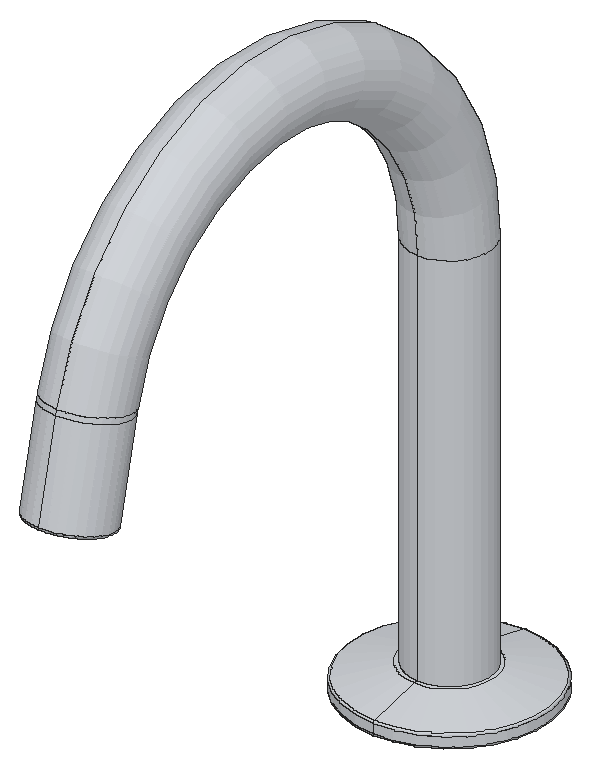
Revit family "B", category Plumbing Fixtures, host Face, Revit 2021
Family settings
  Host = Face
  Round Connector Dimension = Use Diameter
  Part Type = Normal
  OmniClass Number = 23.31.11.00
  Cut with Voids When Loaded = No
  Shared = No
  Room Calculation Point = No
Parameters (values of type "0.5 GPM, CP-Polished Chrome")
  Width = 2.3622"  # constant formula
  WaterSense Certified = 1 = 0  # no
  Waste Water Outlet = "Waste Water Outlet"  # constant formula
  Waste Connection = 1 = 0  # no
  Vent Connection = 1 = 0  # no
  URL = "https://www.us.kohler.com/us/"
  Type = 1
  Spout Reach = 5.75591"  # constant formula
  Product Page URL = "http://www.us.kohler.com/us/catalog/productDetails.jsp?productNumber=106MT76-SANA"
  Product Name = "Components"  # constant formula
  Product Documentation Link = "https://www.us.kohler.com/webassets/kpna/catalog/pdf/en/K-106MT76-SANA _spec_US-CA_Kohler_en.pdf"
  Pressure = 0.00 psi
  Model = if(Type = 1, "K-106MT76-SANA -CP", "NA")  # "K-106MT76-SANA -CP"
  Material = "Premium Metal Construction"  # constant formula
  Master Format 2014 Name = "Residential Faucets, Supplies, and Trim"  # constant formula
  Master Format 2014 = "22 41 39"  # constant formula
  Manufacturer Address = "444 Highland Dr, Kohler, WI 53044"  # constant formula
  Manufacturer = "Kohler Co."  # constant formula
  Length = Spout Reach  # 5.75591"
  Hot Water Inlet = "Hot Water Inlet"  # constant formula
  Height = 8.38583"  # constant formula
  HW Connection = 1 = 0  # no
  Flow Rate = 0.5 GPM  # constant formula
  Finish = Kohler-Metal-CP-Polished_Chrome
  Environmental Product Declaration = ""
  Drain Included = 1 = 1  # yes
  Description = "TB S Deck Mount 0.5 GPM Hybrid Cold Only"  # constant formula
  Default Elevation = 36"
  Declare Label = ""
  Date Modified = "02/28/2024"  # constant formula
  Date Created = "02/28/2024"  # constant formula
  Copyright = "Copyright Kohler Co."  # constant formula
  Contact Us = "https://www.us.kohler.com/us/static/contact.jsp"
  Cold Water Inlet = "Cold Water Inlet"  # constant formula
  CW Connection = 1 = 1  # yes
  Assembly Code = "D2010"
  ADA Compliant = 1 = 0  # no
Reference planes (in)
  plane 1 "Center (Front/Back)": y = 0
  plane 2: z = 0
  plane 3 "Center (Left/Right)": x = 0
  plane 4: y = 1.1811
  plane 5: y = -1.1811
  plane 6: x = -1.1811
  plane 7: x = 1.1811
  plane 8: y = 0.49213
  plane 9: y = -0.49213
  plane 10: y = -6.38145
  plane 11: x = -0.49213
  plane 12: x = 0.49213
  plane 13: z = 8.38583
  plane 14: z = 4.40945
  plane 15: through (0, 1.1811, 2.80687) normal (0, 0.225, 0.9744)
  plane 16: y = -5.75591
Dimensions and locks (in)
  plane 6 to plane 7 = 2.3622"
  plane 11 to plane 12 = 0.98425"  (x2)
  plane 4 to plane 5 = 2.3622"  (x3)
  plane 4 to plane 10 = 7.56255"  (x2)
  plane 10 to plane 1 "Center (Front/Back)" = 6.38145"
  "Height": plane 13 to level
  "Width": plane 6 to plane 7
  plane 14 to level = 4.40945"
  level to plane 14 = 4.40945"
  level to plane 13 = 8.38583"
  plane 1 "Center (Front/Back)" to plane 10 = 6.38145"
  "Length": plane 1 "Center (Front/Back)" to plane 16
  plane 8 to plane 9 = 0.98425"
  aligned and locked: plane 2 to host face
  aligned and locked: level to host face
Automatic sketch dimensions
  host sketch curve to host sketch curve = 96"  (x2)
Nested families (in)
  nested 1: "K-106MT76" at (0, 0, 0), type "K-106MT76"
Connectors (in)
  piping at (0, 0, 0), diameter 0.5, driven by "Flow Rate", driven by "CW Connection", driven by "Cold Water Inlet"
    settings: on nested 1, index 1, connector inside diameter 24", connector length 0", flow factor 0, pipe flow 0.5 GPM, pressure drop 0.00 psi, fitting loss kfactor 0, connector angle 0.00°, fixture units 0, engagement length 0", angle of deflection 0.00°, flow configuration 1, flow direction 1, fitting loss method 0, system type 20, joint type 0, gender type 0, connector reference index -1, connector utility 1, adjustable connector no, is connector primary yes, connector description "Cold Water Inlet"
Definition of nested family "K-106MT76"
  Parameters
    Material = none
    Default Elevation = 0"
  Reference planes (in)
    plane 1 "Center (Front/Back)": y = 0
    plane 2: z = 0
    plane 3 "Center (Left/Right)": x = 0
    plane 4: z = 8.38583
    plane 5: x = -0.49213
    plane 6: x = 0.49213
    plane 7: x = -1.1811
    plane 8: x = 1.1811
    plane 9: y = 0.49213
    plane 10: y = -0.49213
    plane 11: y = 1.1811
    plane 12: y = -1.1811
    plane 13: z = 4.40945
    plane 14: y = -6.38145
    plane 15: z = 0.31486
    plane 16: z = 0.16114
    plane 17: z = 0.14187
    plane 18 "AA": through (0, -5.85373, 4.45372) normal (0, 0.225, 0.9744)
    plane 19: through (0, -5.44585, 4.35249) normal (0, 0.225, 0.9744)
    plane 20: through (0, -6.01229, 4.4676) normal (0, -0.225, -0.9744)
  Forms (in)
    Revolve 1, solid, material <- "Material", detail levels medium+fine
      sketch origin (0, 0, 0) x (0, 1, 0) y (0, 0, 1)
        loop
          arc (1.16142, 0) -> (1.17534, 0.00577) -> (1.1811, 0.01969) r 0.01969
          line (1.1811, 0.01969) -> (1.1811, 0.13546)
          arc (1.1811, 0.13546) -> (1.17511, 0.1527) -> (1.15971, 0.1625) r 0.02779
          line (1.15971, 0.1625) -> (0.54311, 0.30838)
          arc (0.54311, 0.30838) -> (0.51554, 0.31323) -> (0.4876, 0.31486) r 0.24114
          line (0.4876, 0.31486) -> (0, 0.31486) -> (0, 0) -> (1.16142, 0)
        axis (0, 0.31486) -> (0, 0)
      angle from 0 to 360
    Sweep 2, solid, material <- "Material", detail levels medium+fine
      path origin (0, 0, 0) x (0, 1, 0) y (0, 0, 1)
        loop
          line (-5.71344, 5.30848) -> (-5.62488, 5.69209)
          arc (-5.62488, 5.69209) -> (-2.52644, 7.88185) -> (0, 5.05121) r 2.84895
          line (0, 5.05121) -> (0, 0.21572)
      profile origin (0, 0, 2.63347) x (1, 0, 0) y (0, 1, 0)
        loop
          circle (0, 0) r 0.49213
    Revolve 3, solid, material <- "Material", detail levels medium+fine
      sketch origin (0, 0, 0) x (0, 1, 0) y (0, 0, 1)
        loop
          line (-5.90789, 4.46625) -> (-5.63893, 5.63124) -> (-6.11844, 5.74195) -> (-6.38209, 4.59997)
          arc (-6.38209, 4.59997) -> (-6.3791, 4.58213) -> (-6.36439, 4.57164) r 0.02362
          line (-6.36439, 4.57164) -> (-5.90789, 4.46625)
        axis (-5.63893, 5.63124) -> (-5.90789, 4.46625)
      angle from 0 to 360
    Extrusion 4, void
      sketch origin (0, 0.67997, 2.94529) x (0, 0.97437, -0.224951) y (-1, 0, 0)
        loop
          circle (-6.5984, 0.00027) r 0.28331
      from -0.37167 to 0.45149
    Extrusion 5, solid, detail levels medium+fine
      sketch origin (0, 0.67997, 2.94529) x (0, 0.97437, -0.224951) y (-1, 0, 0)
        loop
          arc (-6.31509, 0.00027) -> (-6.3159, 0.02172) -> (-6.31834, 0.04304) r 0.28331
          line (-6.31834, 0.04304) -> (-6.38091, 0.04304)
          arc (-6.38091, 0.04304) -> (-6.37675, 0.00124) -> (-6.38054, -0.04059) r 0.22165
          line (-6.38054, -0.04059) -> (-6.31805, -0.04059)
          arc (-6.31805, -0.04059) -> (-6.31583, -0.02021) -> (-6.31509, 0.00027) r 0.28331
        loop
          arc (-6.88171, 0.00027) -> (-6.8809, -0.0211) -> (-6.87849, -0.04234) r 0.28331
          line (-6.87849, -0.04234) -> (-6.81592, -0.04234)
          arc (-6.81592, -0.04234) -> (-6.82005, 0.00198) -> (-6.81524, 0.04623) r 0.22165
          line (-6.81524, 0.04623) -> (-6.87796, 0.04623)
          arc (-6.87796, 0.04623) -> (-6.88077, 0.02333) -> (-6.88171, 0.00027) r 0.28331
        loop
          arc (-6.78469, 0.12038) -> (-6.75625, 0.15588) -> (-6.72116, 0.18483) r 0.22165
          line (-6.72116, 0.18483) -> (-6.76544, 0.2291)
          arc (-6.76544, 0.2291) -> (-6.79984, 0.19949) -> (-6.82907, 0.16476) r 0.28331
          line (-6.82907, 0.16476) -> (-6.78469, 0.12038)
        loop
          arc (-6.64461, 0.21706) -> (-6.60315, 0.22188) -> (-6.56153, 0.21884) r 0.22165
          line (-6.56153, 0.21884) -> (-6.56153, 0.28117)
          arc (-6.56153, 0.28117) -> (-6.60312, 0.28354) -> (-6.64461, 0.27979) r 0.28331
          line (-6.64461, 0.27979) -> (-6.64461, 0.21706)
        loop
          arc (-6.47706, 0.18576) -> (-6.44304, 0.15836) -> (-6.41504, 0.12482) r 0.22165
          line (-6.41504, 0.12482) -> (-6.37084, 0.16903)
          arc (-6.37084, 0.16903) -> (-6.40139, 0.20386) -> (-6.43721, 0.23326) r 0.28331
          line (-6.43721, 0.23326) -> (-6.47706, 0.18576)
        loop
          arc (-6.41731, -0.12754) -> (-6.44401, -0.15876) -> (-6.47601, -0.18453) r 0.22165
          line (-6.47601, -0.18453) -> (-6.43172, -0.22882)
          arc (-6.43172, -0.22882) -> (-6.39663, -0.19861) -> (-6.36693, -0.16309) r 0.28331
          line (-6.36693, -0.16309) -> (-6.41731, -0.12754)
        loop
          arc (-6.55791, -0.21765) -> (-6.6011, -0.22137) -> (-6.64419, -0.2166) r 0.22165
          line (-6.64419, -0.2166) -> (-6.64419, -0.27931)
          arc (-6.64419, -0.27931) -> (-6.60108, -0.28302) -> (-6.55791, -0.28013) r 0.28331
          line (-6.55791, -0.28013) -> (-6.55791, -0.21765)
        loop
          line (-6.78424, -0.12053) -> (-6.82859, -0.16488)
          arc (-6.82859, -0.16488) -> (-6.79802, -0.20077) -> (-6.76192, -0.23109) r 0.28331
          line (-6.76192, -0.23109) -> (-6.72301, -0.18304)
          arc (-6.72301, -0.18304) -> (-6.75674, -0.15484) -> (-6.78424, -0.12053) r 0.22165
      from -0.01199 to 0.52506
    Extrusion 6, solid, detail levels medium+fine
      sketch origin (0, 0.67997, 2.94529) x (0, 0.97437, -0.224951) y (-1, 0, 0)
        loop
          circle (-6.5984, 0.00027) r 0.18057
        loop
          circle (-6.5984, 0.00027) r 0.0353
        loop
          line (-6.70759, 0.00197) -> (-6.69186, -0.02527) -> (-6.6604, -0.02527) -> (-6.64467, 0.00197) -> (-6.6604, 0.02922) -> (-6.69186, 0.02922) -> (-6.70759, 0.00197)
        loop
          line (-6.70759, -0.06957) -> (-6.69186, -0.09681) -> (-6.6604, -0.09681) -> (-6.64467, -0.06957) -> (-6.6604, -0.04232) -> (-6.69186, -0.04232) -> (-6.70759, -0.06957)
        loop
          line (-6.49076, -0.0011) -> (-6.50648, 0.02614) -> (-6.53794, 0.02614) -> (-6.55367, -0.0011) -> (-6.53794, -0.02835) -> (-6.50648, -0.02835) -> (-6.49076, -0.0011)
        loop
          line (-6.49076, -0.07264) -> (-6.50648, -0.0454) -> (-6.53794, -0.0454) -> (-6.55367, -0.07264) -> (-6.53794, -0.09988) -> (-6.50648, -0.09988) -> (-6.49076, -0.07264)
        loop
          line (-6.70759, 0.07351) -> (-6.69186, 0.04626) -> (-6.6604, 0.04626) -> (-6.64467, 0.07351) -> (-6.6604, 0.10075) -> (-6.69186, 0.10075) -> (-6.70759, 0.07351)
        loop
          line (-6.49076, 0.07043) -> (-6.50648, 0.09768) -> (-6.53794, 0.09768) -> (-6.55367, 0.07043) -> (-6.53794, 0.04319) -> (-6.50648, 0.04319) -> (-6.49076, 0.07043)
        loop
          line (-6.56809, 0.06428) -> (-6.58382, 0.09152) -> (-6.61528, 0.09152) -> (-6.63101, 0.06428) -> (-6.61528, 0.03704) -> (-6.58382, 0.03704) -> (-6.56809, 0.06428)
        loop
          line (-6.56809, 0.12988) -> (-6.58382, 0.15712) -> (-6.61528, 0.15712) -> (-6.63101, 0.12988) -> (-6.61528, 0.10264) -> (-6.58382, 0.10264) -> (-6.56809, 0.12988)
        loop
          line (-6.56809, -0.06681) -> (-6.58382, -0.03957) -> (-6.61528, -0.03957) -> (-6.63101, -0.06681) -> (-6.61528, -0.09406) -> (-6.58382, -0.09406) -> (-6.56809, -0.06681)
        loop
          line (-6.56809, -0.13241) -> (-6.58382, -0.10517) -> (-6.61528, -0.10517) -> (-6.63101, -0.13241) -> (-6.61528, -0.15966) -> (-6.58382, -0.15966) -> (-6.56809, -0.13241)
      from 0.02783 to 0.69865
    Extrusion 7, solid, detail levels medium+fine
      sketch origin (0, 0.67997, 2.94529) x (0, 0.97437, -0.224951) y (-1, 0, 0)
        loop
          circle (-6.5984, 0.00027) r 0.18057
        loop
          circle (-6.5984, 0.00027) r 0.20412
      from 0 to 0.45149
    Extrusion 8, solid, detail levels medium+fine
      sketch origin (0, 0.67997, 2.94529) x (0, 0.97437, -0.224951) y (-1, 0, 0)
        loop
          circle (-6.5984, 0.00027) r 0.28331
        loop
          circle (-6.5984, 0.00027) r 0.20412
      from 0.03685 to 1.13893
    Extrusion 9, solid, material <- "Material"
      sketch origin (0, 0, 0) x (1, 0, 0) y (0, 1, 0)
        loop
          circle (0, 0) r 0.09843
      from 0 to 0.21572
    Revolve 10, solid, material <- "Material", detail levels coarse
      sketch origin (0, 0, 0) x (0, 1, 0) y (0, 0, 1)
        loop
          line (1.1811, 0) -> (1.1811, 0.12604)
          arc (1.1811, 0.12604) -> (1.17252, 0.15058) -> (1.1505, 0.16442) r 0.03937
          line (1.1505, 0.16442) -> (0.53899, 0.30415)
          arc (0.53899, 0.30415) -> (0.49182, 0.31217) -> (0.44405, 0.31486) r 0.42621
          line (0.44405, 0.31486) -> (0, 0.31486) -> (0, 0) -> (1.1811, 0)
        axis (0, 0.31486) -> (0, 0)
      angle from 0 to 360
    Sweep 11, solid, material <- "Material", detail levels coarse
      path origin (0, 0, 0) x (0, 1, 0) y (0, 0, 1)
        loop
          line (-5.90344, 4.46875) -> (-5.63491, 5.63187)
          arc (-5.63491, 5.63187) -> (-2.53094, 7.82553) -> (0, 4.98985) r 2.85403
          line (0, 4.98985) -> (0, 0.14187)
      profile origin (0, 0, 2.56586) x (1, 0, 0) y (0, 1, 0)
        loop
          circle (0, 0) r 0.49213
    Extrusion 12, solid, detail levels coarse
      sketch origin (0, 0.67997, 2.94529) x (0, 0.97437, -0.224951) y (-1, 0, 0)
        loop
          circle (-6.5984, 0.00027) r 0.28331
      from 0.00347 to 0.69865
  Cuts and joins
    Extrusion 4 cuts Revolve 3
    joined: Sweep 2, Revolve 3
    Extrusion 4 cuts Sweep 11
  Lines and regions (in)
    Masking region 1
      outline origin (0, 0, 0) x (1, 0, 0) y (0, 1, 0)
        loop
          arc (-1.1811, 0) -> (-0.99405, -0.63787) -> (-0.49213, -1.07369) r 1.1811
          line (-0.49213, -1.07369) -> (-0.49213, -5.91883)
          arc (-0.49213, -5.91883) -> (-0.42001, -6.14984) -> (-0.24592, -6.31793) r 0.48878
          arc (-0.24592, -6.31793) -> (-0.12704, -6.3653) -> (-0.00009, -6.38145) r 0.50783
          arc (-0.00009, -6.38145) -> (0.12695, -6.36532) -> (0.24592, -6.31793) r 0.50783
          arc (0.24592, -6.31793) -> (0.41953, -6.15066) -> (0.49213, -5.92077) r 0.48901
          line (0.49213, -5.92077) -> (0.49213, -1.07369)
          arc (0.49213, -1.07369) -> (0.99405, -0.63787) -> (1.1811, 0) r 1.1811
          arc (1.1811, 0) -> (0.83517, 0.83517) -> (0, 1.1811) r 1.1811
          arc (0, 1.1811) -> (-0.83517, 0.83517) -> (-1.1811, 0) r 1.1811
    Masking region 2
      outline origin (0, 0, 0) x (1, 0, 0) y (0, 0, 1)
        loop
          line (-0.49213, 7.93018) -> (-0.49213, 0.31486)
          arc (-0.49213, 0.31486) -> (-0.51164, 0.31351) -> (-0.53089, 0.31006) r 0.18147
          line (-0.53089, 0.31006) -> (-1.16266, 0.16145)
          arc (-1.16266, 0.16145) -> (-1.17593, 0.15302) -> (-1.1811, 0.13817) r 0.02392
          line (-1.1811, 0.13817) -> (-1.1811, 0.01969)
          arc (-1.1811, 0.01969) -> (-1.17534, 0.00577) -> (-1.16142, 0) r 0.01969
          line (-1.16142, 0) -> (1.16142, 0)
          arc (1.16142, 0) -> (1.17534, 0.00577) -> (1.1811, 0.01969) r 0.01969
          line (1.1811, 0.01969) -> (1.1811, 0.13817)
          arc (1.1811, 0.13817) -> (1.17593, 0.15302) -> (1.16266, 0.16145) r 0.02392
          line (1.16266, 0.16145) -> (0.53089, 0.31006)
          arc (0.53089, 0.31006) -> (0.51164, 0.31351) -> (0.49213, 0.31486) r 0.18147
          line (0.49213, 0.31486) -> (0.49213, 7.92885)
          arc (0.49213, 7.92885) -> (0.419, 8.15082) -> (0.25292, 8.31524) r 0.49959
          arc (0.25292, 8.31524) -> (0.13129, 8.36785) -> (0, 8.38583) r 0.48843
          arc (0, 8.38583) -> (-0.13129, 8.36785) -> (-0.25292, 8.31524) r 0.48843
          arc (-0.25292, 8.31524) -> (-0.41868, 8.15139) -> (-0.49213, 7.93018) r 0.49987
    Masking region 3
      outline origin (0, 0, 0) x (0, 1, 0) y (0, 0, 1)
        loop
          arc (1.16142, 0) -> (1.17534, 0.00577) -> (1.1811, 0.01969) r 0.01969
          line (1.1811, 0.01969) -> (1.1811, 0.1388)
          arc (1.1811, 0.1388) -> (1.176, 0.15346) -> (1.16291, 0.16179) r 0.02362
          line (1.16291, 0.16179) -> (0.53614, 0.30987)
          arc (0.53614, 0.30987) -> (0.51428, 0.31368) -> (0.49213, 0.31486) r 0.18633
          line (0.49213, 0.31486) -> (0.49213, 5.04589)
          arc (0.49213, 5.04589) -> (-0.46891, 7.39279) -> (-2.80245, 8.38583) r 3.33605
          arc (-2.80245, 8.38583) -> (-3.17699, 8.36955) -> (-3.54738, 8.3116) r 3.35661
          arc (-3.54738, 8.3116) -> (-5.19054, 7.42612) -> (-6.10192, 5.79719) r 3.33982
          line (-6.10192, 5.79719) -> (-6.38095, 4.58856)
          arc (-6.38095, 4.58856) -> (-6.37847, 4.57372) -> (-6.36621, 4.56497) r 0.01967
          line (-6.36621, 4.56497) -> (-6.03805, 4.48921) -> (-6.01229, 4.4676) -> (-5.49766, 4.34878) -> (-5.44585, 4.35249)
          arc (-5.44585, 4.35249) -> (-5.4303, 4.35509) -> (-5.42114, 4.36794) r 0.02061
          line (-5.42114, 4.36794) -> (-5.14297, 5.5728)
          arc (-5.14297, 5.5728) -> (-2.58107, 7.38337) -> (-0.49213, 5.0429) r 2.35561
          line (-0.49213, 5.0429) -> (-0.49213, 0.31486)
          arc (-0.49213, 0.31486) -> (-0.51428, 0.31368) -> (-0.53614, 0.30987) r 0.18633
          line (-0.53614, 0.30987) -> (-1.16291, 0.16179)
          arc (-1.16291, 0.16179) -> (-1.176, 0.15346) -> (-1.1811, 0.1388) r 0.02362
          line (-1.1811, 0.1388) -> (-1.1811, 0.01969)
          arc (-1.1811, 0.01969) -> (-1.17534, 0.00577) -> (-1.16142, 0) r 0.01969
          line (-1.16142, 0) -> (1.16142, 0)
    symbolic lines, detail levels medium+fine
      curve 1: line (-0.49213, 0, 0) -> (-0.49213, -1.1811, 0)
      curve 2: line (0.49213, 0, 0) -> (0.49213, -1.1811, 0)
      curve 3: arc (-0.39755, 0.27432, 0) -> (0.00535, 0.49216, 0) -> (0.40825, 0.27432, 0) r 0.48151
      curve 4: arc (-0.49213, 0, 0) -> (-0.4619, 0.14304, 0) -> (-0.39755, 0.27432, 0) r 0.59227
      curve 5: arc (0.40825, 0.27432, 0) -> (0.46971, 0.14313, 0) -> (0.49213, 0, 0) r 0.51409
      curve 6: arc (0.49213, -0.20753, 0) -> (0, 0.5341, 0) -> (-0.49213, -0.20753, 0) r 0.5341
      curve 7: arc (0.49213, -1.05486, 0) -> (0, 1.16401, 0) -> (-0.49213, -1.05486, 0) r 1.16401
      curve 8: arc (-0.49213, -5.45945, 0) -> (0, -5.95158, 0) -> (0.49213, -5.45945, 0) r 0.49213
      curve 9: line (-1.18068, 0, 0.14187) -> (1.18069, 0, 0.14187)
      curve 10: line (-0.49213, 0, 0.31486) -> (0.49213, 0, 0.31486)
      curve 11: line (-0.53089, 0, 0.31006) -> (0.53089, 0, 0.31006)
      curve 12: spline (0.25988, 0, 4.45554) -> (0.23293, 0, 4.46763) -> (0.19768, 0, 4.47819) -> (0.15537, 0, 4.48685) -> (0.10753, 0, 4.4933) -> (0.05586, 0, 4.4973) -> (0.00219, 0, 4.49873) -> (-0.05155, 0, 4.49752) -> (-0.10346, 0, 4.49371) -> (-0.15168, 0, 4.48746) -> (-0.19449, 0, 4.47897) -> (-0.23036, 0, 4.46854) -> (-0.25803, 0, 4.45657)
      curve 13: line (-0.04189, 0, 4.35394) -> (-0.04189, 0, 4.40945)
      curve 14: line (-0.04189, 0, 4.40945) -> (0.03963, 0, 4.40945)
      curve 15: line (0.03963, 0, 4.40945) -> (0.03963, 0, 4.35394)
      curve 16: line (0.03963, 0, 4.35394) -> (-0.04189, 0, 4.35394)
      curve 17: line (0.12213, 0, 4.40945) -> (0.12213, 0, 4.36637)
      curve 18: line (0.12213, 0, 4.36637) -> (0.18417, 0, 4.383)
      curve 19: line (0.18417, 0, 4.383) -> (0.18417, 0, 4.42226)
      curve 20: line (0.18417, 0, 4.42226) -> (0.12213, 0, 4.40945)
      curve 21: line (0.18417, 0, 4.42226) -> (0.21935, 0, 4.40945)
      curve 22: line (0.21935, 0, 4.40945) -> (0.21935, 0, 4.37854)
      curve 23: line (0.21935, 0, 4.37854) -> (0.18417, 0, 4.383)
      curve 24: line (0.12213, 0, 4.36637) -> (0.15247, 0, 4.36253)
      curve 25: line (0.15247, 0, 4.36253) -> (0.21935, 0, 4.37854)
      curve 26: line (-0.12213, 0, 4.40945) -> (-0.12213, 0, 4.36637)
      curve 27: line (-0.12213, 0, 4.36637) -> (-0.18417, 0, 4.383)
      curve 28: line (-0.18417, 0, 4.383) -> (-0.18417, 0, 4.42226)
      curve 29: line (-0.18417, 0, 4.42226) -> (-0.12213, 0, 4.40945)
      curve 30: line (-0.18417, 0, 4.42226) -> (-0.21935, 0, 4.40945)
      curve 31: line (-0.21935, 0, 4.40945) -> (-0.21935, 0, 4.37854)
      curve 32: line (-0.21935, 0, 4.37854) -> (-0.18417, 0, 4.383)
      curve 33: line (-0.12213, 0, 4.36637) -> (-0.15234, 0, 4.36254)
      curve 34: line (-0.15234, 0, 4.36254) -> (-0.21935, 0, 4.37854)
      curve 35: line (-0.04189, 0, 4.49793) -> (-0.04189, 0, 4.46004)
      curve 36: line (-0.04189, 0, 4.46004) -> (0.03963, 0, 4.46004)
      curve 37: line (0.03963, 0, 4.46004) -> (0.03963, 0, 4.49802)
      curve 38: line (-0.04189, 0, 4.46986) -> (0.03963, 0, 4.46986)
      curve 39: line (0.12579, 0, 4.44362) -> (0.15837, 0, 4.45235)
      curve 40: line (0.15837, 0, 4.45235) -> (0.21416, 0, 4.4374)
      curve 41: line (0.12579, 0, 4.44362) -> (0.12579, 0, 4.49118)
      curve 42: line (0.15837, 0, 4.45235) -> (0.15837, 0, 4.48634)
      curve 43: line (0.21416, 0, 4.4374) -> (0.21416, 0, 4.47375)
      curve 44: line (0.21416, 0, 4.4374) -> (0.18417, 0, 4.42937)
      curve 45: line (0.18417, 0, 4.42937) -> (0.12579, 0, 4.44362)
      curve 46: line (0.21935, 0, 4.4551) -> (0.21935, 0, 4.4175)
      curve 47: line (0.21935, 0, 4.4175) -> (0.25911, 0, 4.4175)
      curve 48: line (0.25911, 0, 4.4175) -> (0.25911, 0, 4.4551)
      curve 49: line (0.25911, 0, 4.4551) -> (0.21935, 0, 4.4551)
      curve 50: line (-0.12579, 0, 4.44362) -> (-0.15837, 0, 4.45235)
      curve 51: line (-0.15837, 0, 4.45235) -> (-0.21416, 0, 4.4374)
      curve 52: line (-0.12579, 0, 4.44362) -> (-0.12579, 0, 4.49118)
      curve 53: line (-0.15837, 0, 4.45235) -> (-0.15837, 0, 4.48634)
      curve 54: line (-0.21416, 0, 4.4374) -> (-0.21416, 0, 4.47375)
      curve 55: line (-0.21416, 0, 4.4374) -> (-0.18417, 0, 4.42937)
      curve 56: line (-0.18417, 0, 4.42937) -> (-0.12579, 0, 4.44362)
      curve 57: line (-0.21935, 0, 4.4551) -> (-0.21935, 0, 4.4175)
      curve 58: line (-0.21935, 0, 4.4175) -> (-0.25988, 0, 4.4175)
      curve 59: line (-0.25988, 0, 4.4175) -> (-0.25988, 0, 4.4551)
      curve 60: line (-0.25988, 0, 4.4551) -> (-0.21935, 0, 4.4551)
      curve 61: spline (-0.03343, 0, 4.44434) -> (-0.03229, 0, 4.44631) -> (-0.02895, 0, 4.44815) -> (-0.02364, 0, 4.44972) -> (-0.01672, 0, 4.45093) -> (-0.00865, 0, 4.45169) -> (0, 0, 4.45195) -> (0.00865, 0, 4.45169) -> (0.01672, 0, 4.45093) -> (0.02364, 0, 4.44972) -> (0.02895, 0, 4.44815) -> (0.03229, 0, 4.44631) -> (0.03343, 0, 4.44434) -> (0.03229, 0, 4.44238) -> (0.02895, 0, 4.44054) -> (0.02364, 0, 4.43897) -> (0.01672, 0, 4.43776) -> (0.00865, 0, 4.437) -> (0, 0, 4.43674) -> (-0.00865, 0, 4.437) -> (-0.01672, 0, 4.43776) -> (-0.02364, 0, 4.43897) -> (-0.02895, 0, 4.44054) -> (-0.03229, 0, 4.44238) -> (-0.03343, 0, 4.44434)
      curve 62: spline (0.03997, 0, 4.44127) -> (0.0411, 0, 4.44324) -> (0.04444, 0, 4.44507) -> (0.04976, 0, 4.44664) -> (0.05668, 0, 4.44785) -> (0.06475, 0, 4.44861) -> (0.0734, 0, 4.44887) -> (0.08205, 0, 4.44861) -> (0.09012, 0, 4.44785) -> (0.09704, 0, 4.44664) -> (0.10235, 0, 4.44507) -> (0.10569, 0, 4.44324) -> (0.10683, 0, 4.44127) -> (0.10569, 0, 4.4393) -> (0.10235, 0, 4.43747) -> (0.09704, 0, 4.43589) -> (0.09012, 0, 4.43468) -> (0.08205, 0, 4.43392) -> (0.0734, 0, 4.43366) -> (0.06475, 0, 4.43392) -> (0.05668, 0, 4.43468) -> (0.04976, 0, 4.43589) -> (0.04444, 0, 4.43747) -> (0.0411, 0, 4.4393) -> (0.03997, 0, 4.44127)
      curve 63: spline (0.04455, 0, 4.47294) -> (0.04569, 0, 4.47491) -> (0.04903, 0, 4.47674) -> (0.05434, 0, 4.47832) -> (0.06127, 0, 4.47952) -> (0.06933, 0, 4.48028) -> (0.07798, 0, 4.48054) -> (0.08664, 0, 4.48028) -> (0.0947, 0, 4.47952) -> (0.10163, 0, 4.47832) -> (0.10694, 0, 4.47674) -> (0.11028, 0, 4.47491) -> (0.11142, 0, 4.47294) -> (0.11028, 0, 4.47097) -> (0.10694, 0, 4.46914) -> (0.10163, 0, 4.46756) -> (0.0947, 0, 4.46635) -> (0.08664, 0, 4.4656) -> (0.07798, 0, 4.46534) -> (0.06933, 0, 4.4656) -> (0.06127, 0, 4.46635) -> (0.05434, 0, 4.46756) -> (0.04903, 0, 4.46914) -> (0.04569, 0, 4.47097) -> (0.04455, 0, 4.47294)
      curve 64: spline (-0.03997, 0, 4.44127) -> (-0.0411, 0, 4.44324) -> (-0.04444, 0, 4.44507) -> (-0.04976, 0, 4.44664) -> (-0.05668, 0, 4.44785) -> (-0.06475, 0, 4.44861) -> (-0.0734, 0, 4.44887) -> (-0.08205, 0, 4.44861) -> (-0.09012, 0, 4.44785) -> (-0.09704, 0, 4.44664) -> (-0.10235, 0, 4.44507) -> (-0.10569, 0, 4.44324) -> (-0.10683, 0, 4.44127) -> (-0.10569, 0, 4.4393) -> (-0.10235, 0, 4.43747) -> (-0.09704, 0, 4.43589) -> (-0.09012, 0, 4.43468) -> (-0.08205, 0, 4.43392) -> (-0.0734, 0, 4.43366) -> (-0.06475, 0, 4.43392) -> (-0.05668, 0, 4.43468) -> (-0.04976, 0, 4.43589) -> (-0.04444, 0, 4.43747) -> (-0.0411, 0, 4.4393) -> (-0.03997, 0, 4.44127)
      curve 65: spline (-0.04455, 0, 4.47294) -> (-0.04569, 0, 4.47491) -> (-0.04903, 0, 4.47674) -> (-0.05434, 0, 4.47832) -> (-0.06127, 0, 4.47952) -> (-0.06933, 0, 4.48028) -> (-0.07798, 0, 4.48054) -> (-0.08664, 0, 4.48028) -> (-0.0947, 0, 4.47952) -> (-0.10163, 0, 4.47832) -> (-0.10694, 0, 4.47674) -> (-0.11028, 0, 4.47491) -> (-0.11142, 0, 4.47294) -> (-0.11028, 0, 4.47097) -> (-0.10694, 0, 4.46914) -> (-0.10163, 0, 4.46756) -> (-0.0947, 0, 4.46635) -> (-0.08664, 0, 4.4656) -> (-0.07798, 0, 4.46534) -> (-0.06933, 0, 4.4656) -> (-0.06127, 0, 4.46635) -> (-0.05434, 0, 4.46756) -> (-0.04903, 0, 4.46914) -> (-0.04569, 0, 4.47097) -> (-0.04455, 0, 4.47294)
      curve 66: spline (-0.03343, 0, 4.42023) -> (-0.03229, 0, 4.41826) -> (-0.02895, 0, 4.41642) -> (-0.02364, 0, 4.41485) -> (-0.01672, 0, 4.41364) -> (-0.00865, 0, 4.41288) -> (0, 0, 4.41262) -> (0.00865, 0, 4.41288) -> (0.01672, 0, 4.41364) -> (0.02364, 0, 4.41485) -> (0.02895, 0, 4.41642) -> (0.03229, 0, 4.41826) -> (0.03343, 0, 4.42023) -> (0.03229, 0, 4.42219) -> (0.02895, 0, 4.42403) -> (0.02364, 0, 4.4256) -> (0.01672, 0, 4.42681) -> (0.00865, 0, 4.42757) -> (0, 0, 4.42783) -> (-0.00865, 0, 4.42757) -> (-0.01672, 0, 4.42681) -> (-0.02364, 0, 4.4256) -> (-0.02895, 0, 4.42403) -> (-0.03229, 0, 4.42219) -> (-0.03343, 0, 4.42023)
      curve 67: spline (0.03997, 0, 4.42171) -> (0.0411, 0, 4.41974) -> (0.04444, 0, 4.41791) -> (0.04976, 0, 4.41633) -> (0.05668, 0, 4.41512) -> (0.06475, 0, 4.41436) -> (0.0734, 0, 4.41411) -> (0.08205, 0, 4.41436) -> (0.09012, 0, 4.41512) -> (0.09704, 0, 4.41633) -> (0.10235, 0, 4.41791) -> (0.10569, 0, 4.41974) -> (0.10683, 0, 4.42171) -> (0.10569, 0, 4.42368) -> (0.10235, 0, 4.42551) -> (0.09704, 0, 4.42709) -> (0.09012, 0, 4.42829) -> (0.08205, 0, 4.42905) -> (0.0734, 0, 4.42931) -> (0.06475, 0, 4.42905) -> (0.05668, 0, 4.42829) -> (0.04976, 0, 4.42709) -> (0.04444, 0, 4.42551) -> (0.0411, 0, 4.42368) -> (0.03997, 0, 4.42171)
      curve 68: spline (-0.03997, 0, 4.42171) -> (-0.0411, 0, 4.41974) -> (-0.04444, 0, 4.41791) -> (-0.04976, 0, 4.41633) -> (-0.05668, 0, 4.41512) -> (-0.06475, 0, 4.41436) -> (-0.0734, 0, 4.41411) -> (-0.08205, 0, 4.41436) -> (-0.09012, 0, 4.41512) -> (-0.09704, 0, 4.41633) -> (-0.10235, 0, 4.41791) -> (-0.10569, 0, 4.41974) -> (-0.10683, 0, 4.42171) -> (-0.10569, 0, 4.42368) -> (-0.10235, 0, 4.42551) -> (-0.09704, 0, 4.42709) -> (-0.09012, 0, 4.42829) -> (-0.08205, 0, 4.42905) -> (-0.0734, 0, 4.42931) -> (-0.06475, 0, 4.42905) -> (-0.05668, 0, 4.42829) -> (-0.04976, 0, 4.42709) -> (-0.04444, 0, 4.42551) -> (-0.0411, 0, 4.42368) -> (-0.03997, 0, 4.42171)
      curve 69: spline (0.49213, 0, 4.45639) -> (0.47536, 0, 4.48537) -> (0.42619, 0, 4.51238) -> (0.34799, 0, 4.53557) -> (0.24606, 0, 4.55337) -> (0.12737, 0, 4.56456) -> (0, 0, 4.56837) -> (-0.12737, 0, 4.56456) -> (-0.24606, 0, 4.55337) -> (-0.34799, 0, 4.53557) -> (-0.42619, 0, 4.51238) -> (-0.47536, 0, 4.48537) -> (-0.49213, 0, 4.45639) -> (-0.47536, 0, 4.42741) -> (-0.42619, 0, 4.4004) -> (-0.34799, 0, 4.37721) -> (-0.24606, 0, 4.35941) -> (-0.12737, 0, 4.34823) -> (0, 0, 4.34441) -> (0.12737, 0, 4.34823) -> (0.24606, 0, 4.35941) -> (0.34799, 0, 4.37721) -> (0.42619, 0, 4.4004) -> (0.47536, 0, 4.42741) -> (0.49213, 0, 4.45639)
      curve 70: arc (-0.12213, 0, 4.38791) -> (-0.08221, 0, 4.38217) -> (-0.04189, 0, 4.3817) r 0.30826
      curve 71: arc (0.12213, 0, 4.38791) -> (0.08108, 0, 4.38209) -> (0.03963, 0, 4.38183) r 0.30826
      curve 72: arc (-0.16468, 0, 4.43413) -> (-0.10506, 0, 4.41292) -> (-0.04189, 0, 4.40901) r 0.22684
      curve 73: arc (0.16468, 0, 4.43413) -> (0.10392, 0, 4.41269) -> (0.03958, 0, 4.4092) r 0.22684
      curve 74: arc (-0.34839, 0, 5.76275) -> (0.00004, 0, 5.79463) -> (0.34847, 0, 5.76275) r 1.92003
      curve 75: arc (-0.49213, 0, 5.69298) -> (-0.42498, 0, 5.7376) -> (-0.34839, 0, 5.76275) r 0.30019
      curve 76: arc (0.49213, 0, 5.69298) -> (0.42498, 0, 5.7376) -> (0.34839, 0, 5.76275) r 0.30019
      curve 77: spline (0.49208, 0, 4.47021) -> (0.47386, 0, 4.49892) -> (0.42386, 0, 4.5256) -> (0.34542, 0, 4.54846) -> (0.24381, 0, 4.56597) -> (0.12584, 0, 4.57695) -> (-0.00057, 0, 4.58068) -> (-0.12694, 0, 4.57689) -> (-0.24479, 0, 4.56584) -> (-0.34623, 0, 4.54828) -> (-0.42443, 0, 4.52537) -> (-0.47417, 0, 4.49867) -> (-0.49209, 0, 4.46995)
      curve 78: spline (0.49208, 0, 4.44257) -> (0.47386, 0, 4.41387) -> (0.42386, 0, 4.38719) -> (0.34542, 0, 4.36433) -> (0.24381, 0, 4.34682) -> (0.12584, 0, 4.33583) -> (-0.00057, 0, 4.33211) -> (-0.12694, 0, 4.3359) -> (-0.24479, 0, 4.34694) -> (-0.34623, 0, 4.36451) -> (-0.42443, 0, 4.38741) -> (-0.47417, 0, 4.41412) -> (-0.49209, 0, 4.44283)
      curve 79: arc (-0.19568, 0, 4.41806) -> (-0.20765, 0, 4.42379) -> (-0.21935, 0, 4.43005) r 0.29657
      curve 80: arc (0.19568, 0, 4.41806) -> (0.20765, 0, 4.42379) -> (0.21935, 0, 4.43005) r 0.29657
      curve 81: spline (-0.25803, 0, 4.45657) -> (-0.28401, 0, 4.4329) -> (-0.27851, 0, 4.40833) -> (-0.24213, 0, 4.3856) -> (-0.17892, 0, 4.36721) -> (-0.09587, 0, 4.35521) -> (-0.00219, 0, 4.35093) -> (0.09173, 0, 4.35484) -> (0.17548, 0, 4.36651) -> (0.23978, 0, 4.38464) -> (0.2775, 0, 4.40723) -> (0.28445, 0, 4.43177) -> (0.25988, 0, 4.45554)
      curve 82: line (0, -5.42611, 4.35856) -> (0, -6.38069, 4.57894)
      curve 83: line (0, 0.49213, 0.31486) -> (0, -0.49213, 0.31486)
      curve 84: line (0, 0.53614, 0.30987) -> (0, -0.53614, 0.30987)
      curve 85: line (0, 0.49213, 5.04589) -> (0, -0.49225, 5.04589)
      curve 86: line (0, -5.14297, 5.5728) -> (0, -6.10285, 5.79315)
      curve 87: line (0, -5.44585, 4.35249) -> (0, -6.03805, 4.48921)
      curve 88: circle (0, 0, 4.97671) r 0.01969 normal (0, -1, 0)
      curve 89: arc (-0.06887, 0, 4.86398) -> (0.00039, 0, 4.8474) -> (0.06956, 0, 4.86434) r 0.15133
      curve 90: arc (-0.02949, 0, 4.90832) -> (0.00154, 0, 4.9029) -> (0.03235, 0, 4.90947) r 0.08277
      curve 91: arc (-0.05662, 0, 4.88909) -> (-0.00047, 0, 4.87748) -> (0.05496, 0, 4.89213) r 0.12512
      curve 92: arc (0.05496, 0, 4.89213) -> (0.07624, 0, 4.88558) -> (0.06956, 0, 4.86434) r 0.0157
      curve 93: arc (-0.06887, 0, 4.86398) -> (-0.07507, 0, 4.88254) -> (-0.05662, 0, 4.88909) r 0.01397
      curve 94: arc (-0.01987, 0, 4.93038) -> (0.00153, 0, 4.92533) -> (0.02297, 0, 4.93018) r 0.04885
      curve 95: arc (0.02297, 0, 4.93018) -> (0.03826, 0, 4.92463) -> (0.03235, 0, 4.90947) r 0.01137
      curve 96: arc (-0.02949, 0, 4.90832) -> (-0.03624, 0, 4.92439) -> (-0.01987, 0, 4.93038) r 0.01204
      curve 97: line (-1.16353, 0, 0.16114) -> (1.16353, 0, 0.16114)
      curve 98: line (-1.17861, 0, 0.0102) -> (1.17861, 0, 0.0102)
      curve 99: line (0, 1.1647, 0.16114) -> (0, -1.16472, 0.16114)
      curve 100: line (0, 1.18076, 0.14187) -> (0, -1.18076, 0.14187)
      curve 101: line (0, 1.17861, 0.0102) -> (0, -1.17861, 0.0102)
      curve 102: line (-0.06945, -6.29084, 0) -> (-0.00014, -6.29084, 0)
      curve 103: line (-0.00014, -6.31053, 0) -> (-0.06945, -6.31053, 0)
      curve 104: arc (-0.06945, -6.31053, 0) -> (-0.07929, -6.30069, 0) -> (-0.06945, -6.29084, 0) r 0.00984
      curve 105: line (-0.05054, -6.26502, 0) -> (-0.00014, -6.26502, 0)
      curve 106: line (-0.00014, -6.28471, 0) -> (-0.05054, -6.28471, 0)
      curve 107: arc (-0.05054, -6.28471, 0) -> (-0.06039, -6.27487, 0) -> (-0.05054, -6.26502, 0) r 0.00984
      curve 108: line (0.06917, -6.29084, 0) -> (-0.00014, -6.29084, 0)
      curve 109: line (-0.00014, -6.31053, 0) -> (0.06917, -6.31053, 0)
      curve 110: arc (0.06917, -6.31053, 0) -> (0.07901, -6.30069, 0) -> (0.06917, -6.29084, 0) r 0.00984
      curve 111: line (0.05026, -6.26502, 0) -> (-0.00014, -6.26502, 0)
      curve 112: line (-0.00014, -6.28471, 0) -> (0.05026, -6.28471, 0)
      curve 113: arc (0.05026, -6.28471, 0) -> (0.06011, -6.27487, 0) -> (0.05026, -6.26502, 0) r 0.00984
      curve 114: circle (0, -6.24706, 0) r 0.00984 normal (0, 0, 1)
  Dimensions and locks (in)
    plane 4 to level = 8.38583"  (x2)
    plane 9 to plane 10 = 0.98425"
    plane 11 to plane 12 = 2.3622"
    plane 13 to level = 4.40945"
    plane 11 to plane 14 = 7.56255"
    plane 8 to plane 7 = 2.3622"
    plane 6 to plane 5 = 0.98425"
    plane 14 to plane 11 = 7.56255"
    plane 7 to plane 8 = 2.3622"
    plane 12 to plane 11 = 2.3622"
    plane 10 to plane 9 = 0.98425"
    plane 5 to plane 6 = 0.98425"
    aligned and locked: plane 2 to level
